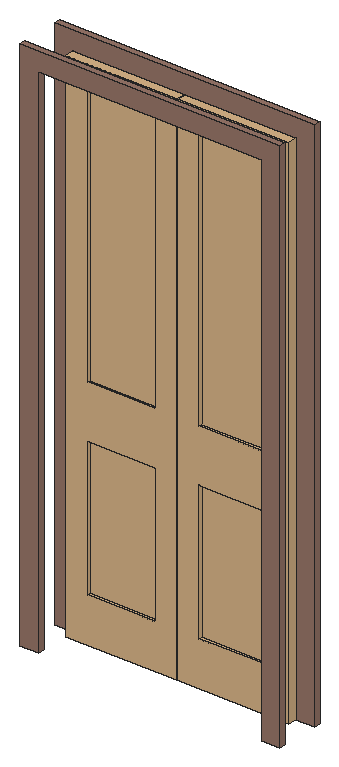
Revit family
Parameters (values of type "0915 x 2134mm")
  Thickness = 44 mm
  Assembly Code = ""
  문 재료 = 문 - 패널
  프레임 재료 = 문 - 프레임
  Height = 2134 mm
  자르기 투영 외부 = 25 mm
  자르기 투영 내부 = 25 mm
  자르기 폭 = 76 mm
  Wall Closure = (empty or 0)
  Width = 915 mm
Types (5, lengths in mm): name | Height | Width
  0915 x 2134mm | 2134 | 915
  0813 x 2134mm | 2134 | 813
  0762 x 2134mm | 2134 | 762
  0762 x 2032mm | 2032 | 762
  0915 x 2032mm | 2032 | 915
Reference planes
  plane 1: y = 0
  plane 2: z = 0
  plane 3: x = 0
  plane 4: x = -457.5
  plane 5: x = 457.5
  plane 6: z = 2134
  plane 7: x = 50.8
  plane 8: x = -355.9
  plane 9: z = 184.15
  plane 10: z = 2045.1
  plane 11: z = 749.3
  plane 12: z = 965.119
  plane 13: x = -368.6
  plane 14: x = -88.9
  plane 15: x = 88.9
  plane 16: x = 368.6
  plane 17: y = 50.8
  plane 18: y = 63.5
  plane 19: y = 76.2
Forms (mm)
  Extrusion 1, solid, material "문 - 패널" <- "문 재료"
    sketch origin (0, 0, 0) x (1, 0, 0) y (0, 0, 1)
      loop
        line (0, 2134) -> (0, 0) -> (457.5, 0) -> (457.5, 2134) -> (0, 2134)
      loop
        line (368.6, 2045.1) -> (88.9, 2045.1) -> (88.9, 965.119) -> (368.6, 965.119) -> (368.6, 2045.1)
      loop
        line (368.6, 749.3) -> (88.9, 749.3) -> (88.9, 184.15) -> (368.6, 184.15) -> (368.6, 749.3)
    from -76.2 to -38.1
  Extrusion 2, solid, material "문 - 프레임" <- "프레임 재료"
    sketch origin (-1524, -76.2, 0) x (1, 0, 0) y (0, 0, 1)
      loop
        line (990.5, 2210) -> (990.5, 0) -> (1066.5, 0) -> (1066.5, 2134) -> (1981.5, 2134) -> (1981.5, 0) -> (2057.5, 0) -> (2057.5, 2210) -> (990.5, 2210)
    from 0 to 25
  Extrusion 3, solid, material "문 - 프레임" <- "프레임 재료"
    sketch origin (-1524, 76.2, 0) x (-1, 0, 0) y (0, 0, 1)
      loop
        line (-2057.5, 2210) -> (-2057.5, 0) -> (-1981.5, 0) -> (-1981.5, 2134) -> (-1066.5, 2134) -> (-1066.5, 0) -> (-990.5, 0) -> (-990.5, 2210) -> (-2057.5, 2210)
    from 0 to 25
  Extrusion 4, solid, material "문 - 패널" <- "문 재료"
    sketch origin (0, 38.1, 0) x (0, 0, -1) y (1, 0, 0)
      loop
        line (-2045.1, -88.9) -> (-2045.1, -368.6) -> (-965.119, -368.6) -> (-965.119, -88.9) -> (-2045.1, -88.9)
      loop
        line (-749.3, -88.9) -> (-749.3, -368.6) -> (-184.15, -368.6) -> (-184.15, -88.9) -> (-749.3, -88.9)
      loop
        line (-2045.1, 368.6) -> (-2045.1, 88.9) -> (-965.119, 88.9) -> (-965.119, 368.6) -> (-2045.1, 368.6)
      loop
        line (-749.3, 368.6) -> (-749.3, 88.9) -> (-184.15, 88.9) -> (-184.15, 368.6) -> (-749.3, 368.6)
    from -25.4 to -12.7
  Extrusion 5, solid, material "문 - 패널" <- "문 재료"
    sketch origin (0, 38.1, 0) x (0, 0, -1) y (1, 0, 0)
      loop
        line (-2134, -457.5) -> (0, -457.5) -> (0, 0) -> (-2134, 0) -> (-2134, -457.5)
      loop
        line (-2045.1, -368.6) -> (-965.119, -368.6) -> (-965.119, -88.9) -> (-2045.1, -88.9) -> (-2045.1, -368.6)
      loop
        line (-749.3, -368.6) -> (-184.15, -368.6) -> (-184.15, -88.9) -> (-749.3, -88.9) -> (-749.3, -368.6)
    from -38.1 to 0
Lines and regions (mm)
  Opening 1
    outline origin (-1524, -76.2, 3657.6) x (0, 0, -1) y (1, 0, 0)
      loop
        line (1523.6, 1066.5) -> (3657.6, 1066.5) -> (3657.6, 1981.5) -> (1523.6, 1981.5) -> (1523.6, 1066.5)
  model lines, style "DoorsFrameMullionProjection"
    curve 1: line (-533.5, -76.2, 0) -> (-533.5, -76.2, 2210)
    curve 2: line (-533.5, -76.2, 2210) -> (533.5, -76.2, 2210)
    curve 3: line (533.5, -76.2, 2210) -> (533.5, -76.2, 0)
    curve 4: line (533.5, 76.2, 0) -> (533.5, 76.2, 2210)
    curve 5: line (-533.5, 76.2, 2210) -> (533.5, 76.2, 2210)
    curve 6: line (-533.5, 76.2, 2210) -> (-533.5, 76.2, 0)
  symbolic lines, style "DoorsPanelProjection"
    curve 7: line (-355.876, 76.161, 0) -> (30.375, 321.45, 0)
    curve 8: line (-335.451, 43.998, 0) -> (-355.876, 76.161, 0)
    curve 9: line (50.8, 289.287, 0) -> (-335.451, 43.998, 0)
    curve 10: line (30.375, 321.45, 0) -> (50.8, 289.287, 0)
    curve 13: line (457.476, 76.161, 0) -> (71.225, 321.45, 0)
    curve 14: line (437.051, 43.998, 0) -> (457.476, 76.161, 0)
    curve 15: line (50.8, 289.287, 0) -> (437.051, 43.998, 0)
    curve 16: line (71.225, 321.45, 0) -> (50.8, 289.287, 0)
  symbolic lines, style "InvisibleLines", detail levels coarse
    curve 11: line (457.5, 76.2, 0) -> (50.8, 289.287, 0)
    curve 12: line (50.8, 289.287, 0) -> (-355.9, 76.2, 0)
  symbolic lines, style "입면도 스윙"
    curve 17: line (-457.5, 0, 2134) -> (0, 0, 1067)
    curve 18: line (-457.5, 0, 0) -> (0, 0, 1067)
    curve 19: line (0, 0, 2134) -> (457.5, 0, 1067)
    curve 20: line (457.5, 0, 1067) -> (0, 0, 0)
Dimensions and locks
  equal spacing: plane 4, plane 3, plane 5
  "Width": plane 4 to plane 5
  "Height": plane 6 to plane 2
  "자르기 폭": plane 4 to curve 1
  "자르기 폭": plane 5 to curve 3
  "자르기 폭": plane 6 to curve 2
  locked: curve 5 to host wall
  "자르기 투영 외부": Extrusion 3 to host wall
  "자르기 투영 내부": Extrusion 2 to host wall
  locked: Extrusion 1 to host wall at 38.1
  equal spacing: plane 8, plane 7, plane 5
  plane 4 to plane 8 = 101.6 mm
  plane 12 to plane 11 to plane 9 to plane 2 = 215.819 mm, 565.15 mm, 184.15 mm
  plane 6 to plane 10 = 88.9 mm
  locked: plane 4 to plane 13 at 88.9
  locked: plane 14 to plane 3 at 88.9
  locked: plane 3 to plane 15 at 88.9
  locked: plane 16 to plane 5 at 88.9
  locked: plane 18 to plane 17 at 12.7
  locked: host wall to Extrusion 5 at 38.1
  equal spacing: plane 6, curve 20, plane 2
  equal spacing: plane 6, curve 18, plane 2
  locked: plane 19 to host wall at 0
  locked: plane 17 to plane 19 at 25.4
  aligned and locked: host wall to Extrusion 1
  aligned and locked: plane 2 to curve 1
  aligned and locked: curve 3 to level
  aligned and locked: curve 4 to curve 3
  aligned and locked: curve 2 to Extrusion 2 sketch curve
  aligned and locked: Extrusion 2 sketch curve to curve 1
  aligned and locked: Extrusion 2 sketch curve to curve 3
  aligned and locked: Extrusion 2 to Extrusion 3 sketch curve
  aligned and locked: Extrusion 3 sketch curve to Extrusion 2  (x2)
  aligned and locked: Extrusion 1 sketch curve to plane 3
  aligned and locked: plane 16 to Extrusion 1 sketch curve  (x2)
  aligned and locked: Extrusion 1 sketch curve to plane 10
  aligned and locked: plane 12 to Extrusion 1 sketch curve
  aligned and locked: plane 15 to Extrusion 1 sketch curve  (x2)
  aligned and locked: Extrusion 1 sketch curve to plane 11
  aligned and locked: plane 9 to Extrusion 1 sketch curve
  aligned and locked: plane 13 to Extrusion 4 sketch curve
  aligned and locked: Extrusion 4 sketch curve to Extrusion 1  (x8)
  aligned and locked: Extrusion 4 to plane 18
  aligned and locked: plane 17 to Extrusion 4
  aligned and locked: Extrusion 5 sketch curve to host wall
  aligned and locked: Extrusion 5 sketch curve to Extrusion 1  (x2)
  aligned and locked: host wall to Extrusion 5
  aligned and locked: Extrusion 5 sketch curve to Extrusion 4  (x8)
Automatic sketch dimensions
  Opening 1 sketch curve to plane 6 = 0 mm
  Opening 1 sketch curve to level = 0 mm
  Opening 1 sketch curve to plane 4 = 0 mm
  Opening 1 sketch curve to plane 5 = 0 mm
  Extrusion 2 sketch curve to level = 0 mm  (x2)
  Extrusion 2 sketch curve to plane 4 = 0 mm
  Extrusion 2 sketch curve to plane 5 = 0 mm
  Extrusion 2 sketch curve to plane 6 = 0 mm
  Extrusion 3 sketch curve to level = 0 mm  (x2)
  Extrusion 3 sketch curve to plane 5 = 0 mm
  Extrusion 3 sketch curve to plane 4 = 0 mm
  Extrusion 3 sketch curve to plane 6 = 0 mm
  curve 12 to host wall = 0 mm
  curve 12 to plane 8 = 0 mm
  curve 9 to plane 7 = 0 mm
  curve 11 to plane 5 = 0 mm
  plane 8 to curve 7 = 0.024 mm
  plane 8 to curve 8 = 20.449 mm
  plane 7 to curve 16 = 20.425 mm
  plane 5 to curve 14 = 20.449 mm
  curve 14 to host wall = 0.039 mm
  curve 7 to host wall = 0.039 mm
  curve 9 to curve 8 = 32.163 mm
  curve 11 to host wall = 0 mm
  Extrusion 1 sketch curve to plane 5 = 0 mm
  Extrusion 1 sketch curve to level = 0 mm
  Extrusion 1 sketch curve to plane 6 = 0 mm
  Extrusion 4 sketch curve to plane 10 = 0 mm
  Extrusion 4 sketch curve to plane 12 = 0 mm
  Extrusion 4 sketch curve to plane 11 = 0 mm
  Extrusion 4 sketch curve to plane 9 = 0 mm
  Extrusion 4 sketch curve to plane 13 = 0 mm
  Extrusion 4 sketch curve to plane 14 = 0 mm  (x2)
  Extrusion 5 sketch curve to plane 4 = 0 mm
  curve 17 to plane 4 = 0 mm
  curve 17 to plane 6 = 0 mm
  curve 19 to plane 3 = 0 mm
  curve 19 to plane 6 = 0 mm
  curve 17 to plane 3 = 0 mm
  curve 19 to plane 5 = 0 mm
  curve 4 to level = 0 mm
  curve 6 to level = 0 mm
  curve 18 to level = 0 mm
  curve 20 to level = 0 mm
  curve 18 to plane 4 = 0 mm
  curve 20 to plane 3 = 0 mm
  curve 6 to curve 1 = 0 mm  (x2)
